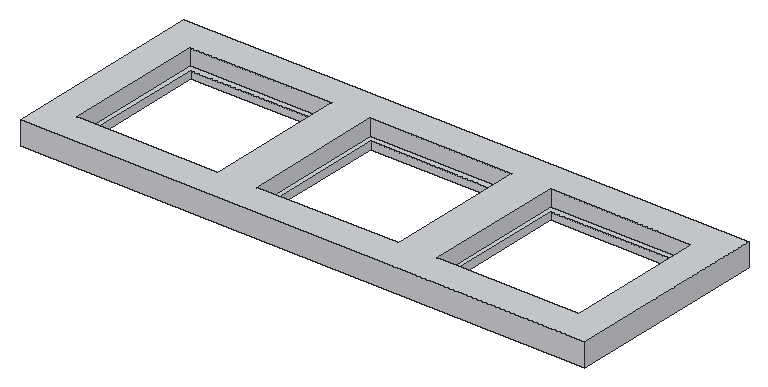
Revit family "Gira_021323", category Electrical Fixtures, host Face, Revit 2017
Family settings
  Host = Face
  Maintain Annotation Orientation = No
  Round Connector Dimension = Use Diameter
  Part Type = Normal
  Cut with Voids When Loaded = No
  Shared = No
  Room Calculation Point = No
Parameters (values of type "Cov.fr. 3-g Gira E2 anthra.")
  With mounting grid = "No"
  With hinged lid = "No"
  URL = "http://katalog.gira.de/en/datenblatt.html?artikelnr=021323"
  Type of fastening = "Clamp mounting"
  Transparent = "No"
  Surface protection = "Other"
  Suitable for wall duct = "No"
  Suitable for flush-mounted installation = "Yes"
  Suitable for floor box = "No"
  Suitable for built-in installation = "No"
  Number of units vertical = "3"
  Number of units horizontal = "3"
  Number of units = "3"
  Name = "Cov.fr. 3-g Gira E2 anthra."
  Mounting direction = "Horizontal and vertical"
  Material quality = "Thermoplastic"
  Material = "Plastic"
  Manufacturer URL = "https://www.gira.de/"
  Manufacturer = "Gira"
  Label space/information surface = "No"
  Keynote = ""
  HeinzeBIM = "https://bimportal.heinze.de/bim/cov-fr-3-g-gira-e2-anthra-/ad6bcb5f639275d12eaddb70815ab298680fc162"
  Halogen free = "Yes"
  HAN = "021323"
  GTIN = "4010337213239"
  Description = "Cov.fr.3g E2 AN,Gira E2 cover frame,anthracite,3-gang,Features:,- Shatter-proof.,,Notes :,- Also suitable for duct installation.,- In connection with the seal kit, frame (1-gang to 5-gang) is also suitable for installation as water-protected flush-mounted IP44."
  Degree of protection (IP) = "IP20"
  Default Elevation = 1219.2 mm
  Data sheet (1) = "https://katalog.gira.de/en/download.html?artikelnr=021323"
  Colour = "Anthracite"
  Category = "Cover frame for domestic switching devices"
  BIM (1) = "https://media.stage.bim.site/public/gira/36a6b08/E2_Rahmen_3fach.rfa"
  Available = "No"
Reference planes
  plane 1 "Center (Front/Back)": y = 0
  plane 2: z = 0
  plane 3 "Center (Left/Right)": x = 0
Forms (mm)
  Extrusion 1, solid, detail levels fine
    sketch origin (0, 0, 0) x (1, 0, 0) y (0, 1, 0)
      loop
        line (111.7, 40.4) -> (-111.7, 40.4) -> (-111.7, -40.4) -> (111.7, -40.4) -> (111.7, 40.4)
      loop
        line (43.248, 28.052) -> (43.248, -28.052) -> (99.352, -28.052) -> (99.352, 28.052) -> (43.248, 28.052)
      loop
        line (-28.052, 28.052) -> (-28.052, -28.052) -> (28.052, -28.052) -> (28.052, 28.052) -> (-28.052, 28.052)
      loop
        line (-99.352, 28.052) -> (-99.352, -28.052) -> (-43.248, -28.052) -> (-43.248, 28.052) -> (-99.352, 28.052)
    from 0 to 9.3
  Extrusion 2, solid, detail levels fine
    sketch origin (-71.2, 0, 0) x (1, 0, 0) y (0, 1, 0)
      loop
        line (-28.152, -28.152) -> (28.152, -28.152) -> (28.152, 28.152) -> (-28.152, 28.152) -> (-28.152, -28.152)
      loop
        line (25.9, -25.7) -> (25.9, 25.7) -> (-25.9, 25.7) -> (-25.9, -25.7) -> (25.9, -25.7)
    from 0 to 3
  Extrusion 3, solid, detail levels coarse+medium
    sketch origin (0, 0, 0) x (1, 0, 0) y (0, 1, 0)
      loop
        line (111.7, 40.4) -> (-111.7, 40.4) -> (-111.7, -40.4) -> (111.7, -40.4) -> (111.7, 40.4)
    from 0 to 9.3
  Extrusion 4, solid, detail levels fine
    sketch origin (0.1, -0.047, 0) x (1, 0, 0) y (0, 1, 0)
      loop
        line (-28.152, -28.106) -> (28.152, -28.106) -> (28.152, 28.199) -> (-28.152, 28.199) -> (-28.152, -28.106)
      loop
        line (25.9, -25.653) -> (25.9, 25.747) -> (-25.9, 25.747) -> (-25.9, -25.653) -> (25.9, -25.653)
    from 0 to 3
  Extrusion 5, solid, detail levels fine
    sketch origin (71.2, -0.047, 0) x (1, 0, 0) y (0, 1, 0)
      loop
        line (-27.952, -28.006) -> (28.152, -28.006) -> (28.152, 28.099) -> (-27.952, 28.099) -> (-27.952, -28.006)
      loop
        line (26, -25.653) -> (26, 25.747) -> (-25.9, 25.747) -> (-25.9, -25.653) -> (26, -25.653)
    from 0 to 3
Dimensions and locks
  aligned and locked: plane 2 to host face
  aligned and locked: level to host face
